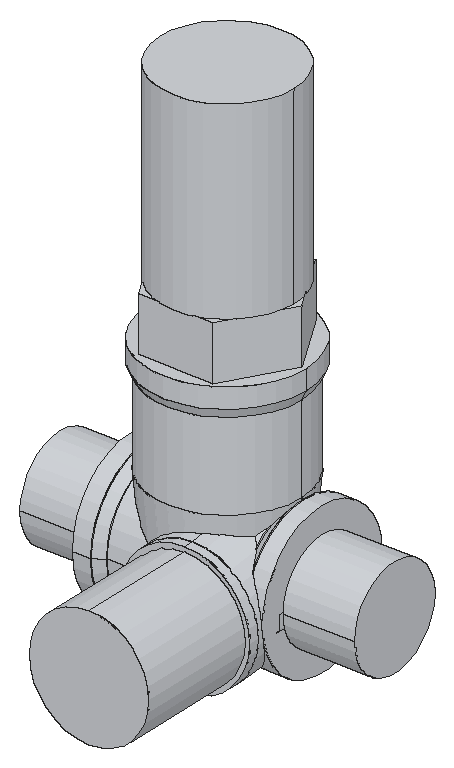
Revit family "TemCon_DN20_MM_RFA_2018", category Pipe Accessories, Revit 2018
Family settings
  Round Connector Dimension = Use Diameter
  Part Type = Valve - Breaks Into
  Work Plane-Based = No
  Always vertical = Yes
  Cut with Voids When Loaded = No
  Shared = No
Parameters (values of type "TemCon DN20 M/M")
  magiProductId = "6f633da33f234d7083190c3661a0b3"
  magiProductFamilyId = "21dbfbd9cdbe4438ac6817ff3d9771"
  magiPartTypeId = 306
  isMeasuringValve [instance] = no
  ang2D [instance] = 0.00°
  W2D = 20 mm
  W2 = 2 mm
  W1 = 24 mm
  W = 42 mm
  VersionID = "2.0/2018.12.13.2/FRESE_TEMCON_M_001"
  Use Minimum Symbol Size [instance] = no
  URL = "www.hydronic.cz"
  Type Comments = "závitový s vnějším závitem PN10;  max dp=100kPa; pracovní rozsah 10+-100°C; rozsah nastavení 37-65°C; rouzsah nastavení pro bypass 70-80°C;"
  R7 = 12 mm
  R6 = 13 mm
  R5 = 13.419 mm
  R4 = 15.91 mm
  R3 = 14.91 mm
  R2 = 13.5 mm
  R1 = 15 mm
  QmdConnectorList = "301;D;302;D"
  Productdata [instance] = ""
  Manufacturer = "Hydronic Systems Prague s.r.o."
  MC Product Code = "47-2892 DN20 MM (37-65°C, max 100kPa)"
  LT2 = 33.5 mm
  LL__ve = -LL  # -14.5 mm
  LL1__ve = -LL1  # -3.59 mm
  LL1 = 3.59 mm
  LL = 14.5 mm
  L2D_Min = 30.48 mm
  L2D = 38 mm
  L2 = 26.82 mm
  L1 = 18.09 mm
  H4 = 38.6 mm
  H3 = 10.8 mm
  H2 = 4 mm
  H1 = 17.6 mm
  Description = "Automatický termostatický vyvažovací ventil pro rozvody TUV"
  DT2 = 10 mm
  D = 20 mm
  CenSd_R3_6 = R3 * cos(30.00°)  # 12.912 mm
Reference planes
  plane 1 "Center (Front/Back)": y = 0
  plane 2 "XYPLANE": z = 0
  plane 3 "Center (Left/Right)": x = 0
  plane 4 "94": x = 19
  plane 5 "90": x = -19
  plane 6 "53": y = -42
  plane 7 "50": x = 5.91
  plane 8 "48": y = -16
  plane 9 "44": y = -18
  plane 10 "42": z = -2
  plane 11 "40": z = 49.4
  plane 12 "38": z = 38.6
  plane 13 "33": z = 34.6
  plane 14 "30": z = 32.6
  plane 15 "26": z = 15
  plane 16 "22": x = 15.41
  plane 17 "21": x = 13.41
  plane 18 "13": x = -13.41
  plane 19 "12": x = -15.41
  plane 20 "6": x = 33.5
  plane 21 "5": x = -33.5
  plane 22 "3": z = 0
  plane 23 "2": y = 0
  plane 24 "1": x = 0
Forms (mm)
  Extrusion 1, solid
    sketch origin (33.5, -750, 0) x (0, 1, 0) y (0, 0, 1)
      loop
        circle (750, 0) r 10
    from 0 to -14.5 <- "LL__ve"
  Extrusion 2, solid
    sketch origin (-33.5, -750, 0) x (0, 1, 0) y (0, 0, 1)
      loop
        circle (750, 0) r 10
    from 0 to 14.5 <- "LL"
  Extrusion 3, solid
    sketch origin (750, -42, 0) x (-1, 0, 0) y (0, 0, 1)
      loop
        circle (744.09, -2) r 12
    from 0 to 24 <- "W1"
  Blend 4, solid
    base sketch origin (750, 0, 0) x (-1, 0, 0) y (0, 0, 1)
      loop
        circle (744.09, 0) r 13.5
    top sketch origin (750, 0, 0) x (-1, 0, 0) y (0, 0, 1)
      loop
        circle (744.09, -2) r 13
    from 0 to -16
  Extrusion 5, solid
    sketch origin (750, -18, 0) x (-1, 0, 0) y (0, 0, 1)
      loop
        circle (744.09, -2) r 13
    from 0 to 2 <- "W2"
  Extrusion 6, solid
    sketch origin (-750, 0, 49.4) x (1, 0, 0) y (0, 1, 0)
      loop
        circle (750, 0) r 13.419
    from 0 to 38.6 <- "H4"
  Extrusion 7, solid
    sketch origin (-750, 0, 38.6) x (1, 0, 0) y (0, 1, 0)
      loop
        line (764.91, 0) -> (757.455, 12.912) -> (742.545, 12.912) -> (735.09, 0) -> (742.545, -12.912) -> (757.455, -12.912) -> (764.91, 0)
    from 0 to 10.8 <- "H3"
  Extrusion 8, solid
    sketch origin (-750, 0, 34.6) x (1, 0, 0) y (0, 1, 0)
      loop
        circle (750, 0) r 15.91
    from 0 to 4 <- "H2"
  Blend 9, solid
    base sketch origin (-750, 0, 32.6) x (1, 0, 0) y (0, 1, 0)
      loop
        circle (750, 0) r 14.91
    top sketch origin (-750, 0, 32.6) x (1, 0, 0) y (0, 1, 0)
      loop
        circle (750, 0) r 15.91
    from 0 to 2
  Extrusion 10, solid
    sketch origin (-750, 0, 15) x (1, 0, 0) y (0, 1, 0)
      loop
        circle (750, 0) r 14.91
    from 0 to 17.6 <- "H1"
  Blend 11, solid
    base sketch origin (-750, 0, 0) x (1, 0, 0) y (0, 1, 0)
      loop
        circle (750, 0) r 13.5
    top sketch origin (-750, 0, 0) x (1, 0, 0) y (0, 1, 0)
      loop
        circle (750, 0) r 14.91
    from 0 to 15
  Blend 12, solid
    base sketch origin (13.41, -750, 0) x (0, 1, 0) y (0, 0, 1)
      loop
        circle (750, 0) r 13.5
    top sketch origin (13.41, -750, 0) x (0, 1, 0) y (0, 0, 1)
      loop
        circle (750, 0) r 15
    from 0 to 2
  Extrusion 13, solid
    sketch origin (15.41, -750, 0) x (0, 1, 0) y (0, 0, 1)
      loop
        circle (750, 0) r 15
    from 0 to 3.59 <- "LL1"
  Extrusion 14, solid
    sketch origin (-13.41, -750, 0) x (0, 1, 0) y (0, 0, 1)
      loop
        circle (750, 0) r 13.5
    from 0 to 26.82 <- "L2"
  Blend 15, solid
    base sketch origin (-15.41, -750, 0) x (0, 1, 0) y (0, 0, 1)
      loop
        circle (750, 0) r 15
    top sketch origin (-15.41, -750, 0) x (0, 1, 0) y (0, 0, 1)
      loop
        circle (750, 0) r 13.5
    from 0 to 2
  Extrusion 16, solid
    sketch origin (-15.41, -750, 0) x (0, 1, 0) y (0, 0, 1)
      loop
        circle (750, 0) r 15
    from 0 to -3.59 <- "LL1__ve"
  Extrusion 17, solid, not visible
    sketch origin (19, -750, 0) x (0, 1, 0) y (0, 0, 1)
      loop
        circle (750, 0) r 10
    from 0 to -10
  Extrusion 18, solid, not visible
    sketch origin (-19, -750, 0) x (0, 1, 0) y (0, 0, 1)
      loop
        circle (750, 0) r 10
    from 0 to 10
Lines and regions (mm)
  reference lines, not visible
    curve 1: circle (2, 2, 0) r 1 normal (0, 0, 1)
  reference lines
    curve 2: line (0, 0, 38.6) -> (-3.727, 6.456, 38.6)
    curve 3: line (0, 0, 38.6) -> (-7.455, 0, 38.6)
    curve 4: line (0, 0, 38.6) -> (-3.727, -6.456, 38.6)
Dimensions and locks
  plane 1 "Center (Front/Back)" to curve 1 = 2 mm
  "LL": plane 20 "6" to plane 4 "94"
  "LL1": plane 19 "12" to plane 5 "90"
  "W": plane 1 "Center (Front/Back)" to plane 6 "53"
  locked: plane 17 "21" to plane 7 "50" at 7.5
  locked: plane 9 "44" to plane 8 "48" at 2
  locked: plane 1 "Center (Front/Back)" to plane 9 "44" at 18
  locked: plane 2 "XYPLANE" to plane 10 "42" at 2
  "H3": plane 12 "38" to plane 11 "40"
  "H2": plane 13 "33" to plane 12 "38"
  locked: plane 14 "30" to plane 13 "33" at 2
  "H1": plane 15 "26" to plane 14 "30"
  locked: plane 2 "XYPLANE" to plane 15 "26" at 15
  locked: plane 17 "21" to plane 16 "22" at 2
  "L2": plane 18 "13" to plane 17 "21"
  locked: plane 19 "12" to plane 18 "13" at 2
  "L1": plane 21 "5" to plane 19 "12"
  "LT2": plane 3 "Center (Left/Right)" to plane 20 "6"
  "LT2": plane 3 "Center (Left/Right)" to plane 21 "5"
  locked: plane 2 "XYPLANE" to plane 22 "3"
  locked: plane 1 "Center (Front/Back)" to plane 23 "2"
  locked: plane 3 "Center (Left/Right)" to plane 24 "1"
  "CenSd_R3_6": curve 2 to Extrusion 7 sketch curve  (x2)
  "CenSd_R3_6": curve 3 to Extrusion 7 sketch curve  (x2)
  "CenSd_R3_6": curve 4 to Extrusion 7 sketch curve  (x2)
  Extrusion 7 sketch curve to Extrusion 7 sketch curve = 0 mm  (x12)
  "DT2": radius of Extrusion 1 sketch curve
  "DT2": radius of Extrusion 2 sketch curve
  "R7": radius of Extrusion 3 sketch curve
  "R6": radius of Blend 4 sketch curve
  "R2": radius of Blend 4 sketch curve
  "R6": radius of Extrusion 5 sketch curve
  "R5": radius of Extrusion 6 sketch curve
  "R4": radius of Extrusion 8 sketch curve
  "R4": radius of Blend 9 sketch curve
  "R3": radius of Blend 9 sketch curve
  "R3": radius of Extrusion 10 sketch curve
  "R3": radius of Blend 11 sketch curve
  "R2": radius of Blend 11 sketch curve
  "R1": radius of Blend 12 sketch curve
  "R2": radius of Blend 12 sketch curve
  "R1": radius of Extrusion 13 sketch curve
  "R2": radius of Extrusion 14 sketch curve
  "R2": radius of Blend 15 sketch curve
  "R1": radius of Blend 15 sketch curve
  "R1": radius of Extrusion 16 sketch curve
  locked: curve 3 to curve 2 (angle 60.00°)
  locked: curve 4 to curve 3 (angle 60.00°)
  locked: curve 4 to curve 2 (angle 120.00°)
  aligned and locked: level to plane 2 "XYPLANE"
  aligned and locked: plane 22 "3" to Extrusion 1 sketch curve
  aligned and locked: Extrusion 1 sketch curve to plane 23 "2"
  aligned and locked: plane 22 "3" to Extrusion 2 sketch curve
  aligned and locked: Extrusion 2 sketch curve to plane 23 "2"
  aligned and locked: plane 7 "50" to Extrusion 3 sketch curve
  aligned and locked: plane 10 "42" to Extrusion 3 sketch curve
  aligned and locked: plane 7 "50" to Blend 4 sketch curve  (x2)
  aligned and locked: plane 10 "42" to Blend 4 sketch curve
  aligned and locked: plane 22 "3" to Blend 4 sketch curve
  aligned and locked: Blend 4 to plane 8 "48"
  aligned and locked: plane 7 "50" to Extrusion 5 sketch curve
  aligned and locked: plane 10 "42" to Extrusion 5 sketch curve
  aligned and locked: plane 23 "2" to Extrusion 6 sketch curve
  aligned and locked: plane 24 "1" to Extrusion 6 sketch curve
  aligned and locked: plane 23 "2" to curve 4
  aligned and locked: plane 24 "1" to curve 4
  aligned and locked: plane 23 "2" to Extrusion 8 sketch curve
  aligned and locked: plane 24 "1" to Extrusion 8 sketch curve
  aligned and locked: plane 23 "2" to Blend 9 sketch curve  (x2)
  aligned and locked: plane 24 "1" to Blend 9 sketch curve  (x2)
  aligned and locked: plane 13 "33" to Blend 9
  aligned and locked: plane 23 "2" to Extrusion 10 sketch curve
  aligned and locked: plane 24 "1" to Extrusion 10 sketch curve
  aligned and locked: plane 23 "2" to Blend 11 sketch curve  (x2)
  aligned and locked: plane 24 "1" to Blend 11 sketch curve  (x2)
  aligned and locked: plane 15 "26" to Blend 11
  aligned and locked: plane 22 "3" to Blend 12 sketch curve  (x2)
  aligned and locked: Blend 12 sketch curve to plane 23 "2"  (x2)
  aligned and locked: plane 16 "22" to Blend 12
  aligned and locked: plane 22 "3" to Extrusion 13 sketch curve
  aligned and locked: Extrusion 13 sketch curve to plane 23 "2"
  aligned and locked: plane 22 "3" to Extrusion 14 sketch curve
  aligned and locked: Extrusion 14 sketch curve to plane 23 "2"
  aligned and locked: plane 22 "3" to Blend 15 sketch curve  (x2)
  aligned and locked: Blend 15 sketch curve to plane 23 "2"  (x2)
  aligned and locked: plane 18 "13" to Blend 15
  aligned and locked: plane 22 "3" to Extrusion 16 sketch curve
  aligned and locked: Extrusion 16 sketch curve to plane 23 "2"
  aligned and locked: plane 22 "3" to Extrusion 17 sketch curve
  aligned and locked: Extrusion 17 sketch curve to plane 23 "2"
  aligned and locked: plane 22 "3" to Extrusion 18 sketch curve
  aligned and locked: Extrusion 18 sketch curve to plane 23 "2"
Automatic sketch dimensions
  plane 8 "48" to Extrusion 17 sketch curve = 6 mm
  plane 8 "48" to Extrusion 18 sketch curve = 6 mm
  plane 3 "Center (Left/Right)" to curve 1 = 2 mm
  radius of curve 1 = 1 mm
Connectors
  piping at (-19, 0, 0), diameter 20, driven by "D"
    settings: on Extrusion 18, index 1, connector inside diameter 609.6 mm, connector length 0 mm, flow factor 0, pipe flow 0.0 L/s, pressure drop 0.0 Pa, fitting loss kfactor 0, connector angle 0.00°, fixture units 0, engagement length 0 mm, angle of deflection 0.00°, flow configuration 0, flow direction 0, fitting loss method 0, system type 29, joint type 0, gender type 0, connector reference index 2, connector utility 0, adjustable connector no, is connector primary yes, connector description ""
  piping at (19, 0, 0), diameter 20, driven by "D"
    settings: on Extrusion 17, index 2, connector inside diameter 609.6 mm, connector length 0 mm, flow factor 0, pipe flow 0.0 L/s, pressure drop 0.0 Pa, fitting loss kfactor 0, connector angle 0.00°, fixture units 0, engagement length 0 mm, angle of deflection 0.00°, flow configuration 0, flow direction 0, fitting loss method 0, system type 29, joint type 0, gender type 0, connector reference index 1, connector utility 0, adjustable connector no, is connector primary no, connector description ""
